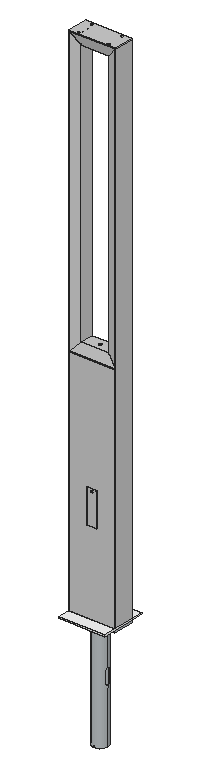
Revit family "BE_99075_de_DE", category Leuchten, Revit 2020 (continued)
Definition of nested family "BE_99075"
  Automatic sketch dimensions
    plane 3 "Mitte (Links/Rechts)" to Extrusion 26 sketch curve = 119.7 mm
    Extrusion 26 sketch curve to plane 1 "Mitte (Oben/Unten)" = 60 mm  (x2)
    plane 1 "Mitte (Oben/Unten)" to Extrusion 26 sketch curve = 60 mm  (x2)
    Extrusion 26 sketch curve to Extrusion 26 sketch curve = 31.373 mm  (x2)
    plane 1 "Mitte (Oben/Unten)" to Extrusion 27 sketch curve = 90 mm
    Extrusion 27 sketch curve to Extrusion 27 sketch curve = 5.271 mm  (x2)
    plane 1 "Mitte (Oben/Unten)" to Extrusion 27 sketch curve = 60 mm
    Extrusion 27 sketch curve to plane 1 "Mitte (Oben/Unten)" = 60 mm
    Extrusion 27 sketch curve to Extrusion 27 sketch curve = 24.729 mm
    level to Extrusion 27 sketch curve = 4410 mm
    Extrusion 27 sketch curve to Extrusion 27 sketch curve = 0 mm
    Extrusion 27 sketch curve to Extrusion 27 sketch curve = 15.811 mm  (x2)
    Extrusion 27 sketch curve to Extrusion 27 sketch curve = 74.189 mm  (x2)
    Extrusion 28 sketch curve to plane 3 "Mitte (Links/Rechts)" = 200.3 mm
    plane 3 "Mitte (Links/Rechts)" to Extrusion 28 sketch curve = 200.3 mm
    level to Extrusion 28 sketch curve = 4500 mm
    Extrusion 28 sketch curve to Extrusion 28 sketch curve = 8 mm
    Extrusion 29 sketch curve to plane 1 "Mitte (Oben/Unten)" = 90 mm
    Extrusion 29 sketch curve to Extrusion 29 sketch curve = 4.5 mm  (x2)
    Extrusion 29 sketch curve to Extrusion 29 sketch curve = 4.2 mm
    Extrusion 29 sketch curve to Extrusion 29 sketch curve = 4.781 mm  (x2)
    Extrusion 29 sketch curve to plane 1 "Mitte (Oben/Unten)" = 60 mm
    Extrusion 29 sketch curve to Extrusion 29 sketch curve = 5 mm  (x2)
    plane 1 "Mitte (Oben/Unten)" to Extrusion 29 sketch curve = 55 mm
    Extrusion 29 sketch curve to Extrusion 29 sketch curve = 25.719 mm
    Extrusion 29 sketch curve to Extrusion 29 sketch curve = 0.582 mm
    Extrusion 29 sketch curve to level = 2100.2 mm
    Extrusion 29 sketch curve to Extrusion 29 sketch curve = 12 mm
    Extrusion 29 sketch curve to Extrusion 29 sketch curve = 68.075 mm  (x2)
    Extrusion 29 sketch curve to Extrusion 29 sketch curve = 8.27 mm  (x2)
    Extrusion 29 sketch curve to Extrusion 29 sketch curve = 1.654 mm  (x2)
    Extrusion 29 sketch curve to Extrusion 29 sketch curve = 15 mm  (x2)
    Extrusion 30 sketch curve to level = 0 mm  (x2)
    plane 1 "Mitte (Oben/Unten)" to Extrusion 30 sketch curve = 90 mm
    Extrusion 30 sketch curve to Extrusion 30 sketch curve = 4 mm  (x2)
    Extrusion 30 sketch curve to plane 1 "Mitte (Oben/Unten)" = 86 mm
    Extrusion 30 sketch curve to Extrusion 30 sketch curve = 2010 mm
    Extrusion 30 sketch curve to Extrusion 30 sketch curve = 0 mm
    Sweep 31 sketch curve to plane 3 "Mitte (Links/Rechts)" = 119.7 mm
    plane 3 "Mitte (Links/Rechts)" to Sweep 31 sketch curve = 119.7 mm
    plane 1 "Mitte (Oben/Unten)" to Sweep 31 sketch curve = 60 mm
    Sweep 31 sketch curve to plane 1 "Mitte (Oben/Unten)" = 60 mm
    Sweep 31 sketch curve to profile plane = 0 mm
    profile plane to Sweep 31 sketch curve = 7.244 mm
    Sweep 31 sketch curve to Sweep 31 sketch curve = 1.456 mm
    Sweep 31 sketch curve to Sweep 31 sketch curve = 4.326 mm
    Sweep 31 sketch curve to Sweep 31 sketch curve = 4.5 mm
    level to Sweep 31 sketch curve = 4410 mm
    Sweep 31 sketch curve to Sweep 31 sketch curve = 4 mm
    Sweep 31 sketch curve to Sweep 31 sketch curve = 5 mm
    Extrusion 32 sketch curve to plane 3 "Mitte (Links/Rechts)" = 44.984 mm
    Extrusion 32 sketch curve to plane 3 "Mitte (Links/Rechts)" = 41 mm
    Extrusion 32 sketch curve to Extrusion 32 sketch curve = 3.984 mm  (x4)
    Extrusion 32 sketch curve to Extrusion 32 sketch curve = 0.353 mm  (x2)
    plane 3 "Mitte (Links/Rechts)" to Extrusion 32 sketch curve = 41 mm  (x2)
    Extrusion 32 sketch curve to Extrusion 32 sketch curve = 0.012 mm
    level to Extrusion 32 sketch curve = 720.587 mm
    Extrusion 32 sketch curve to Extrusion 32 sketch curve = 0.016 mm
    Extrusion 32 sketch curve to Extrusion 32 sketch curve = 4 mm
    Extrusion 32 sketch curve to Extrusion 32 sketch curve = 287.292 mm
    Extrusion 32 sketch curve to Extrusion 32 sketch curve = 0.354 mm  (x2)
    Extrusion 32 sketch curve to Extrusion 32 sketch curve = 0 mm  (x6)
    plane 1 "Mitte (Oben/Unten)" to Revolve 33 sketch curve = 90 mm
    Revolve 33 sketch curve to Revolve 33 sketch curve = 18 mm
    Revolve 33 sketch curve to Revolve 33 sketch curve = 0.498 mm
    Revolve 33 sketch curve to Revolve 33 sketch curve = 0.5 mm
    Revolve 33 sketch curve to Revolve 33 sketch curve = 3.5 mm
    level to Revolve 33 sketch curve = 999.85 mm
    Revolve 33 sketch curve to Revolve 33 sketch curve = 0.031 mm
    Revolve 33 sketch curve to Revolve 33 sketch curve = 3.469 mm
    Revolve 33 sketch curve to Revolve 33 sketch curve = 0.124 mm
    Revolve 33 sketch curve to Revolve 33 sketch curve = 0.314 mm
    Revolve 33 sketch curve to Revolve 33 sketch curve = 3 mm
    Revolve 33 sketch curve to Revolve 33 sketch curve = 2.971 mm
    Revolve 33 sketch curve to Revolve 33 sketch curve = 0 mm  (x3)
    Revolve 33 sketch curve to Revolve 33 sketch curve = 8.618 mm
    Revolve 33 sketch curve to Revolve 33 sketch curve = 9.064 mm
Types (4, lengths in mm): name | built-in parameter 1150104 | built-in parameter 1150134 | Modell | M_G | M_A | built-in parameter 1150105 | Lumens | Leuchtenlichtstrom | Lampenlichtstrom | LED_Modulbezeichnung | built-in parameter 1150142 | Farbtemperatur | Datei für fotometrisches Netz | Bestellnummer | built-in parameter 1150106 | built-in parameter 1150107
  BEGA_99075_Silber_K3 | 16.775 (stored number, unit not read) | (empty or 0) | "99075AK3" | no | yes | 510.08 (stored number, unit not read) | 6409.88 lm | "3767 lm" | "6680 lm" | "LED-0315/830" | "IESNA:LM-63-1995\r\n[TEST] \r\n[MANUFAC] BEGA\r\n[MORE] Converted by LUMCat V \r\n[MORE] 07.12.2016 / H.R.\r\n[LUMCAT] \r\n[LUMINAIRE] 99075K3 0°\r\n[LAMPCAT] LED  35,5W\r\n[LAMPCAT] LED  35,5W    3615 lm,   42 W\r\n[LAMP] LED  35,5W\r\nTILT=NONE\r\n1    3615 1.0 73 19 1 2 0.100 0.220 0.000\r\n1.0 1.0 42\r\n   0.0   2.5   5.0   7.5  10.0  12.5  15.0  17.5  20.0  22.5  25.0  27.5  30.0\r\n  32.5  35.0  37.5  40.0  42.5  45.0  47.5  50.0  52.5  55.0  57.5  60.0  62.5\r\n  65.0  67.5  70.0  72.5  75.0  77.5  80.0  82.5  85.0  87.5  90.0  92.5  95.0\r\n  97.5 100.0 102.5 105.0 107.5 110.0 112.5 115.0 117.5 120.0 122.5 125.0 127.5\r\n 130.0 132.5 135.0 137.5 140.0 142.5 145.0 147.5 150.0 152.5 155.0 157.5 160.0\r\n 162.5 165.0 167.5 170.0 172.5 175.0 177.5 180.0\r\n   0.0   5.0  10.0  15.0  20.0  25.0  30.0  35.0  40.0  45.0  50.0  55.0  60.0\r\n  65.0  70.0  75.0  80.0  85.0  90.0\r\n       2.9       6.6     132.9     452.5     554.3     376.1     194.1      65.7\r\n      39.3      34.3      30.3      24.0      18.3      13.9      10.3       7.6\r\n       5.6       4.2       3.2       2.3       1.6       1.1       0.6       0.3\r\n       0.2       0.1       0.0       0.1       0.1       0.0       0.1       0.0\r\n       0.1       0.0       0.1       0.1       0.0       0.1       0.1       0.0\r\n       0.1       0.1       0.0       0.0       0.0       0.0       0.0       0.0\r\n       0.0       0.0       0.0       0.0       0.0       0.0       0.1       0.0\r\n       0.0       0.0       0.0       0.0       0.0       0.0       0.1       0.0\r\n       0.1       0.1       0.1       0.1       0.1       0.1       0.1       0.3\r\n       0.3\r\n       2.9       6.6     137.3     481.2     601.8     410.8     214.3      77.2\r\n      45.4      38.3      33.4      26.9      21.0      15.8      12.0       8.9\r\n       6.7       5.0       3.8       2.9       2.1       1.6       1.0       0.7\r\n       0.5       0.4       0.3       0.3       0.3       0.2       0.2       0.2\r\n       0.1       0.1       0.1       0.1       0.1       0.1       0.1       0.1\r\n       0.1       0.1       0.1       0.1       0.1       0.1       0.1       0.1\r\n       0.1       0.1       0.0       0.0       0.0       0.0       0.0       0.1\r\n       0.0       0.0       0.1       0.0       0.0       0.0       0.0       0.0\r\n       0.1       0.1       0.1       0.1       0.1       0.1       0.1       0.3\r\n       0.3\r\n       2.9       6.7     150.2     568.2     740.3     532.9     297.1     137.5\r\n      80.7      60.4      50.8      41.9      35.0      29.4      24.8      21.0\r\n      17.9      15.4      13.2      11.5      10.3       9.3       8.4       7.6\r\n       6.9       6.3       5.8       5.6       5.2       4.8       4.4       4.2\r\n       3.9       3.7       3.4       3.2       3.0       2.8       2.6       2.4\r\n       2.3       2.2       2.2       2.0       1.9       1.8       1.6       1.5\r\n       1.3       1.1       0.9       0.7       0.4       0.3       0.2       0.1\r\n       0.1       0.1       0.1       0.0       0.0       0.1       0.0       0.1\r\n       0.1       0.1       0.0       0.0       0.1       0.1       0.1       0.3\r\n       0.3\r\n       2.9       6.8     170.3     700.6     950.2     748.7     484.2     311.3\r\n     223.8     176.3     145.9     119.6      98.0      81.9      68.9      58.7\r\n      50.4      43.5      37.2      32.4      28.5      25.3      22.7      20.5\r\n      18.6      17.1      15.7      14.6      13.4      12.4      11.6      10.7\r\n       9.8       9.0       8.3       7.6       7.1       6.7       6.0       5.7\r\n       5.2       4.7       4.4       4.0       3.7       3.3       3.0       2.9\r\n       2.7       2.5       2.3       1.9       1.6       1.4       1.2       0.9\r\n       0.6       0.4       0.3       0.2       0.1       0.1       0.1       0.1\r\n       0.1       0.1       0.1       0.0       0.1       0.1       0.1       0.3\r\n       0.3\r\n       2.9       6.9     194.2     855.8    1211.6    1059.7     806.0     659.3\r\n     565.7     507.8     449.6     388.9     330.3     278.9     233.5     196.6\r\n     164.3     136.9     112.9      92.2      74.0      59.1      47.6      38.9\r\n      32.5      28.5      25.8      23.5      21.5      19.9      18.3      16.8\r\n      15.5      14.2      12.9      11.7      11.0      10.3       9.6       8.8\r\n       8.0       7.1       6.4       5.9       5.4       4.9       4.4       4.0\r\n       3.6       3.3       3.1       2.8       2.5       2.2       2.0       1.7\r\n       1.4       1.1       0.8       0.6       0.4       0.3       0.2       0.3\r\n       0.1       0.1       0.1       0.1       0.1       0.1       0.1       0.3\r\n       0.3\r\n       2.9       7.0     218.9    1021.6    1505.4    1410.8    1186.5    1056.9\r\n     957.4     880.3     798.6     714.5     629.9     551.0     477.8     412.1\r\n     353.6     300.8     253.0     210.2     171.2     136.3     106.6      82.0\r\n      62.6      48.5      38.6      31.9      28.2      25.4      23.1      21.0\r\n      19.3      17.3      15.9      14.4      13.5      12.4      11.6      10.5\r\n       9.6       8.9       8.0       7.4       6.7       6.0       5.5       5.1\r\n       4.6       4.2       3.9       3.5       3.1       2.8       2.5       2.1\r\n       2.0       1.7       1.4       1.1       0.8       0.7       0.5       0.5\r\n       0.4       0.4       0.3       0.2       0.1       0.1       0.2       0.3\r\n       0.3\r\n       2.9       7.0     243.0    1189.7    1793.5    1737.2    1553.6    1445.7\r\n    1356.1    1261.3    1156.7    1047.8     937.4     833.4     735.9     643.3\r\n     560.4     483.8     413.2     349.2     289.5     235.9     189.7     150.2\r\n     117.7      91.7      70.8      54.3      42.8      34.1      27.9      23.7\r\n      20.6      18.0      16.1      14.5      13.4      12.6      11.5      10.8\r\n       9.9       9.1       8.4       7.9       7.3       6.6       6.1       5.5\r\n       5.0       4.6       4.2       3.9       3.5       3.1       2.8       2.5\r\n       2.2       2.0       1.8       1.6       1.2       1.0       0.9       0.8\r\n       0.7       0.7       0.5       0.4       0.2       0.1       0.2       0.3\r\n       0.3\r\n       2.9       7.0     265.5    1344.6    2046.0    2024.4    1893.5    1800.0\r\n    1707.0    1600.8    1485.1    1363.3    1238.1    1113.9     992.2     874.4\r\n     767.5     668.0     577.3     495.2     420.8     353.3     294.7     243.5\r\n     199.4     162.9     131.4     104.5      82.3      64.5      50.1      38.9\r\n      30.0      22.8      18.0      14.6      12.9      11.7      10.8      10.0\r\n       9.4       8.8       8.2       7.6       7.2       6.6       6.2       5.7\r\n       5.2       4.7       4.4       4.1       3.7       3.3       3.0       2.8\r\n       2.6       2.1       2.0       1.8       1.6       1.3       1.1       1.0\r\n       0.9       0.9       0.8       0.6       0.3       0.2       0.2       0.3\r\n       0.3\r\n       2.9       6.8     284.6    1471.3    2256.5    2265.9    2183.2    2112.0\r\n    2030.4    1931.6    1813.8    1685.0    1549.2    1414.5    1283.5    1154.8\r\n    1028.6     908.7     792.7     685.9     586.1     499.4     425.7     359.0\r\n     302.1     253.5     211.0     173.7     141.6     113.8      89.9      68.6\r\n      50.5      35.5      23.6      15.7      11.9      11.0      10.1       9.4\r\n       8.9       8.4       7.9       7.2       6.7       6.3       6.0       5.5\r\n       5.1       4.7       4.4       4.0       3.7       3.4       3.1       2.8\r\n       2.6       2.3       2.1       1.9       1.7       1.5       1.3       1.3\r\n       1.1       1.1       1.0       0.9       0.5       0.3       0.2       0.3\r\n       0.3\r\n       2.9       6.7     297.9    1572.2    2422.3    2464.8    2410.3    2342.8\r\n    2259.1    2163.7    2061.4    1948.8    1831.5    1707.1    1577.3    1437.7\r\n    1295.2    1152.4    1010.6     880.0     761.1     656.2     561.6     480.3\r\n     408.6     346.2     290.9     242.5     199.4     161.1     126.5      97.3\r\n      70.8      48.2      29.8      17.4      11.8      10.4       9.4       8.7\r\n       8.1       7.8       7.5       6.8       6.3       6.1       5.6       5.4\r\n       5.0       4.7       4.3       3.9       3.8       3.5       3.1       2.8\r\n       2.5       2.3       2.2       2.0       1.7       1.5       1.4       1.4\r\n       1.3       1.3       1.2       1.1       0.7       0.3       0.2       0.3\r\n       0.3\r\n       2.9       6.5     303.7    1656.9    2546.9    2616.9    2575.7    2515.9\r\n    2442.6    2356.8    2256.2    2158.3    2051.9    1921.8    1779.5    1624.1\r\n    1465.8    1309.1    1160.3    1026.7     903.9     790.1     692.1     600.3\r\n     518.9     445.9     378.6     318.0     263.1     212.5     167.8     127.8\r\n      91.3      59.9      35.7      18.7      11.1       9.8       8.5       7.9\r\n       7.6       7.1       6.8       6.5       6.1       5.6       5.2       4.9\r\n       4.4       4.3       4.1       3.7       3.4       3.2       3.0       2.7\r\n       2.6       2.3       2.1       1.8       1.7       1.6       1.5       1.4\r\n       1.3       1.3       1.3       1.3       0.9       0.4       0.2       0.3\r\n       0.3\r\n       2.9       6.3     302.0    1723.3    2636.3    2716.9    2681.2    2635.3\r\n    2570.0    2498.8    2428.1    2337.4    2210.9    2060.6    1895.9    1729.8\r\n    1562.3    1402.7    1258.3    1127.2    1005.5     893.9     789.5     692.7\r\n     602.7     518.4     440.6     368.1     302.9     244.1     191.5     144.9\r\n     103.2      67.6      39.0      19.2      10.2       8.9       7.7       7.0\r\n       6.6       6.3       5.9       5.6       5.4       5.0       4.8       4.6\r\n       4.3       4.0       3.8       3.5       3.3       3.1       2.9       2.7\r\n       2.4       2.1       1.9       1.8       1.6       1.5       1.4       1.4\r\n       1.4       1.3       1.4       1.5       1.2       0.5       0.3       0.3\r\n       0.3\r\n       2.9       6.1     295.3    1765.5    2703.5    2777.7    2748.5    2702.0\r\n    2651.3    2596.9    2534.2    2430.1    2290.9    2132.1    1962.8    1791.7\r\n    1626.4    1475.6    1335.2    1199.8    1073.3     951.4     838.8     732.3\r\n     634.1     543.4     459.9     382.4     314.3     252.5     198.4     149.0\r\n     105.4      68.3      38.9      18.5       9.6       8.3       6.9       6.0\r\n       5.8       5.5       5.2       5.0       4.7       4.4       4.3       4.0\r\n       3.8       3.7       3.4       3.1       3.0       2.8       2.5       2.3\r\n       2.2       2.0       1.8       1.6       1.6       1.4       1.3       1.3\r\n       1.4       1.4       1.4       1.6       1.3       0.7       0.3       0.3\r\n       0.3\r\n       2.9       6.0     286.4    1785.2    2749.9    2819.8    2792.1    2753.9\r\n    2709.2    2674.4    2598.3    2469.8    2321.5    2154.0    1985.4    1817.2\r\n    1663.6    1516.5    1375.1    1239.7    1107.3     980.7     860.7     747.9\r\n     643.5     547.7     460.1     381.2     311.5     249.3     193.7     143.6\r\n     100.6      64.5      36.4      16.7       8.3       7.2       5.9       5.0\r\n       4.7       4.5       4.3       4.2       3.9       3.8       3.6       3.4\r\n       3.2       3.1       2.9       2.7       2.6       2.4       2.3       2.2\r\n       1.9       1.8       1.6       1.6       1.4       1.2       1.2       1.2\r\n       1.3       1.3       1.4       1.6       1.4       0.8       0.3       0.3\r\n       0.3\r\n       2.9       5.9     277.4    1793.4    2771.4    2839.2    2813.7    2777.7\r\n    2748.3    2715.8    2617.1    2482.6    2325.2    2154.2    1988.5    1826.9\r\n    1679.2    1531.0    1388.7    1246.4    1104.2     974.5     850.8     736.8\r\n     628.9     531.1     443.7     365.3     296.7     231.6     176.6     129.8\r\n      89.8      57.1      32.1      15.1       7.4       6.3       5.2       4.1\r\n       3.8       3.7       3.6       3.4       3.3       3.1       3.0       2.7\r\n       2.6       2.5       2.5       2.4       2.2       2.1       1.9       1.8\r\n       1.7       1.5       1.4       1.2       1.1       1.0       1.1       1.1\r\n       1.2       1.3       1.4       1.6       1.6       0.9       0.4       0.3\r\n       0.3\r\n       2.9       5.8     269.5    1799.4    2780.8    2843.5    2821.6    2793.7\r\n    2771.3    2732.6    2625.0    2480.6    2317.6    2150.9    1988.1    1834.7\r\n    1684.6    1536.6    1387.7    1238.5    1100.1     965.6     841.5     721.9\r\n     613.7     517.3     428.9     349.6     276.2     214.8     160.5     116.8\r\n      80.3      50.5      28.4      13.1       6.5       5.3       4.2       3.0\r\n       2.9       2.8       2.7       2.5       2.4       2.4       2.3       2.2\r\n       2.0       2.0       1.9       1.8       1.7       1.6       1.5       1.4\r\n       1.3       1.2       1.0       1.0       0.9       0.9       0.9       0.9\r\n       1.0       1.2       1.3       1.6       1.6       1.0       0.4       0.3\r\n       0.3\r\n       2.9       5.7     263.1    1802.3    2786.6    2845.3    2824.9    2802.0\r\n    2789.0    2744.0    2624.1    2477.0    2315.9    2147.5    1987.9    1836.7\r\n    1687.4    1536.8    1383.6    1235.1    1093.2     958.3     833.0     713.9\r\n     605.7     506.6     417.2     332.8     261.0     199.8     149.3     107.5\r\n      74.3      46.5      25.6      11.6       5.4       4.4       3.3       2.1\r\n       1.8       1.8       1.8       1.7       1.6       1.6       1.4       1.4\r\n       1.2       1.4       1.3       1.2       1.1       1.0       0.9       0.9\r\n       0.8       0.7       0.7       0.7       0.7       0.6       0.7       0.7\r\n       0.9       1.1       1.2       1.5       1.6       1.0       0.4       0.3\r\n       0.3\r\n       2.9       5.6     259.1    1801.3    2787.1    2844.8    2827.5    2805.5\r\n    2796.1    2740.6    2622.9    2472.7    2307.0    2141.5    1988.1    1835.9\r\n    1684.4    1533.6    1378.7    1228.3    1087.9     954.2     827.1     708.0\r\n     598.7     500.5     405.3     322.1     249.3     190.9     140.9     102.4\r\n      69.1      42.5      23.3      10.2       4.2       3.2       2.2       1.2\r\n       0.9       0.8       0.8       0.8       0.7       0.7       0.6       0.6\r\n       0.6       0.5       0.5       0.5       0.5       0.4       0.4       0.4\r\n       0.3       0.3       0.3       0.3       0.4       0.4       0.5       0.7\r\n       0.8       1.0       1.2       1.5       1.7       1.1       0.4       0.3\r\n       0.3\r\n       2.9       5.6     257.7    1800.9    2785.7    2841.4    2824.7    2803.7\r\n    2796.5    2741.2    2615.0    2466.7    2305.1    2138.2    1984.9    1835.5\r\n    1683.6    1527.9    1375.5    1237.6    1086.1     946.2     822.2     703.2\r\n     594.2     495.7     399.5     317.3     246.4     186.8     137.8      99.6\r\n      66.3      40.7      22.2       8.8       3.0       2.2       1.3       0.2\r\n       0.1       0.1       0.1       0.1       0.1       0.1       0.1       0.1\r\n       0.1       0.1       0.1       0.1       0.1       0.1       0.1       0.1\r\n       0.1       0.1       0.1       0.1       0.1       0.2       0.4       0.6\r\n       0.8       1.0       1.2       1.5       1.7       1.1       0.4       0.2\r\n       0.3\r\n" | "3000 K" | "BE_99075K3.IES" | "99075AK3" | 5.1008 (stored number, unit not read) | 3000 (stored number, unit not read)
  BEGA_99075_Silber_K4 | 17.168 (stored number, unit not read) | 12 | "99075AK4" | no | yes | 522.03 (stored number, unit not read) | 6560.05 lm | "3875 lm" | "6870 lm" | "LED-0315/840" | "IESNA:LM-63-1995\r\n[TEST] \r\n[MANUFAC] BEGA\r\n[MORE] Converted by LUMCat V \r\n[MORE] 07.12.2016 / H.R.\r\n[LUMCAT] \r\n[LUMINAIRE] 99075 0°\r\n[LAMPCAT] LED  35,5W\r\n[LAMPCAT] LED  35,5W    3700 lm,   42 W\r\n[LAMP] LED  35,5W\r\nTILT=NONE\r\n1    3700 1.0 73 19 1 2 0.100 0.220 0.000\r\n1.0 1.0 42\r\n   0.0   2.5   5.0   7.5  10.0  12.5  15.0  17.5  20.0  22.5  25.0  27.5  30.0\r\n  32.5  35.0  37.5  40.0  42.5  45.0  47.5  50.0  52.5  55.0  57.5  60.0  62.5\r\n  65.0  67.5  70.0  72.5  75.0  77.5  80.0  82.5  85.0  87.5  90.0  92.5  95.0\r\n  97.5 100.0 102.5 105.0 107.5 110.0 112.5 115.0 117.5 120.0 122.5 125.0 127.5\r\n 130.0 132.5 135.0 137.5 140.0 142.5 145.0 147.5 150.0 152.5 155.0 157.5 160.0\r\n 162.5 165.0 167.5 170.0 172.5 175.0 177.5 180.0\r\n   0.0   5.0  10.0  15.0  20.0  25.0  30.0  35.0  40.0  45.0  50.0  55.0  60.0\r\n  65.0  70.0  75.0  80.0  85.0  90.0\r\n       3.0       6.7     136.0     463.2     567.3     384.9     198.6      67.3\r\n      40.3      35.1      31.0      24.6      18.7      14.2      10.5       7.8\r\n       5.8       4.3       3.3       2.4       1.7       1.1       0.6       0.3\r\n       0.2       0.1       0.0       0.1       0.1       0.0       0.1       0.0\r\n       0.1       0.0       0.1       0.1       0.0       0.1       0.1       0.0\r\n       0.1       0.1       0.0       0.0       0.0       0.0       0.0       0.0\r\n       0.0       0.0       0.0       0.0       0.0       0.0       0.1       0.0\r\n       0.0       0.0       0.0       0.0       0.0       0.0       0.1       0.0\r\n       0.1       0.1       0.1       0.1       0.1       0.1       0.1       0.3\r\n       0.3\r\n       3.0       6.8     140.5     492.5     615.9     420.5     219.4      79.0\r\n      46.5      39.2      34.2      27.6      21.5      16.2      12.2       9.1\r\n       6.8       5.1       3.9       2.9       2.1       1.6       1.0       0.7\r\n       0.5       0.4       0.3       0.3       0.3       0.2       0.2       0.2\r\n       0.1       0.1       0.1       0.1       0.1       0.1       0.1       0.1\r\n       0.1       0.1       0.1       0.1       0.1       0.1       0.1       0.1\r\n       0.1       0.1       0.0       0.0       0.0       0.0       0.0       0.1\r\n       0.0       0.0       0.1       0.0       0.0       0.0       0.0       0.0\r\n       0.1       0.1       0.1       0.1       0.1       0.1       0.1       0.3\r\n       0.3\r\n       3.0       6.8     153.8     581.6     757.7     545.4     304.1     140.7\r\n      82.5      61.8      52.0      42.9      35.8      30.1      25.4      21.5\r\n      18.3      15.8      13.5      11.8      10.5       9.5       8.6       7.7\r\n       7.1       6.4       6.0       5.7       5.3       4.9       4.6       4.3\r\n       4.0       3.7       3.5       3.3       3.1       2.9       2.7       2.5\r\n       2.4       2.3       2.2       2.0       2.0       1.9       1.6       1.5\r\n       1.3       1.1       0.9       0.7       0.4       0.3       0.2       0.1\r\n       0.1       0.1       0.1       0.0       0.0       0.1       0.0       0.1\r\n       0.1       0.1       0.0       0.0       0.1       0.1       0.1       0.3\r\n       0.3\r\n       3.0       7.0     174.3     717.1     972.5     766.3     495.5     318.6\r\n     229.1     180.4     149.3     122.4     100.3      83.8      70.6      60.1\r\n      51.6      44.5      38.1      33.1      29.1      25.9      23.2      20.9\r\n      19.1      17.5      16.1      14.9      13.7      12.7      11.8      11.0\r\n      10.0       9.2       8.5       7.8       7.3       6.8       6.2       5.9\r\n       5.4       4.8       4.5       4.1       3.7       3.4       3.1       3.0\r\n       2.8       2.5       2.4       2.0       1.7       1.4       1.3       0.9\r\n       0.6       0.4       0.3       0.2       0.1       0.1       0.1       0.1\r\n       0.1       0.1       0.1       0.0       0.1       0.1       0.1       0.3\r\n       0.3\r\n       3.0       7.1     198.8     875.9    1240.1    1084.6     824.9     674.8\r\n     579.0     519.7     460.1     398.1     338.1     285.5     239.0     201.2\r\n     168.2     140.1     115.6      94.4      75.7      60.5      48.7      39.8\r\n      33.3      29.2      26.4      24.1      22.0      20.4      18.7      17.2\r\n      15.9      14.5      13.2      12.0      11.2      10.5       9.8       9.0\r\n       8.1       7.3       6.5       6.0       5.5       5.0       4.6       4.1\r\n       3.7       3.4       3.1       2.8       2.6       2.3       2.0       1.7\r\n       1.4       1.1       0.9       0.6       0.4       0.3       0.2       0.3\r\n       0.1       0.1       0.1       0.1       0.1       0.1       0.1       0.3\r\n       0.3\r\n       3.0       7.2     224.1    1045.6    1540.8    1444.0    1214.4    1081.8\r\n     979.9     901.0     817.4     731.3     644.7     564.0     489.1     421.8\r\n     361.9     307.9     258.9     215.2     175.2     139.5     109.1      83.9\r\n      64.1      49.6      39.6      32.6      28.9      26.0      23.6      21.5\r\n      19.8      17.7      16.3      14.8      13.8      12.7      11.8      10.8\r\n       9.8       9.1       8.2       7.5       6.9       6.1       5.6       5.2\r\n       4.7       4.3       4.0       3.6       3.2       2.9       2.6       2.1\r\n       2.0       1.7       1.4       1.1       0.9       0.7       0.6       0.5\r\n       0.4       0.4       0.3       0.2       0.1       0.1       0.2       0.3\r\n       0.3\r\n       3.0       7.2     248.7    1217.6    1835.6    1778.0    1590.1    1479.7\r\n    1388.0    1291.0    1183.9    1072.5     959.4     853.0     753.2     658.5\r\n     573.6     495.2     422.9     357.4     296.3     241.5     194.1     153.7\r\n     120.5      93.9      72.4      55.6      43.8      34.9      28.6      24.2\r\n      21.1      18.5      16.4      14.9      13.8      12.9      11.8      11.1\r\n      10.2       9.4       8.6       8.1       7.4       6.8       6.3       5.6\r\n       5.1       4.7       4.3       4.0       3.6       3.2       2.8       2.6\r\n       2.3       2.0       1.9       1.6       1.2       1.0       0.9       0.8\r\n       0.7       0.7       0.5       0.4       0.2       0.1       0.2       0.3\r\n       0.3\r\n       3.0       7.1     271.7    1376.2    2094.1    2072.0    1938.1    1842.3\r\n    1747.1    1638.5    1520.0    1395.3    1267.2    1140.1    1015.6     895.0\r\n     785.5     683.7     590.9     506.9     430.7     361.6     301.7     249.2\r\n     204.1     166.7     134.5     106.9      84.2      66.0      51.3      39.8\r\n      30.7      23.4      18.4      14.9      13.2      12.0      11.1      10.3\r\n       9.7       9.0       8.4       7.8       7.3       6.8       6.4       5.9\r\n       5.3       4.8       4.5       4.2       3.7       3.3       3.1       2.8\r\n       2.6       2.2       2.1       1.8       1.6       1.3       1.1       1.1\r\n       0.9       1.0       0.8       0.6       0.3       0.2       0.2       0.3\r\n       0.3\r\n       3.0       7.0     291.3    1505.9    2309.6    2319.2    2234.6    2161.7\r\n    2078.1    1977.0    1856.4    1724.6    1585.6    1447.8    1313.6    1182.0\r\n    1052.8     930.1     811.3     702.1     599.8     511.2     435.7     367.5\r\n     309.2     259.4     215.9     177.8     144.9     116.4      92.1      70.3\r\n      51.7      36.4      24.2      16.0      12.2      11.3      10.4       9.7\r\n       9.1       8.5       8.1       7.4       6.9       6.4       6.1       5.6\r\n       5.2       4.8       4.5       4.1       3.8       3.4       3.1       2.8\r\n       2.6       2.4       2.1       1.9       1.7       1.6       1.3       1.3\r\n       1.1       1.1       1.1       0.9       0.5       0.3       0.2       0.3\r\n       0.3\r\n       3.0       6.8     305.0    1609.2    2479.3    2522.7    2466.9    2397.9\r\n    2312.2    2214.6    2109.9    1994.6    1874.5    1747.3    1614.4    1471.5\r\n    1325.7    1179.5    1034.3     900.7     779.0     671.6     574.8     491.6\r\n     418.2     354.3     297.7     248.2     204.1     164.9     129.5      99.6\r\n      72.5      49.3      30.5      17.8      12.1      10.7       9.6       8.9\r\n       8.3       8.0       7.7       7.0       6.5       6.3       5.7       5.5\r\n       5.1       4.8       4.4       4.0       3.8       3.6       3.2       2.9\r\n       2.6       2.4       2.3       2.0       1.8       1.6       1.5       1.4\r\n       1.4       1.3       1.3       1.1       0.7       0.3       0.2       0.3\r\n       0.3\r\n       3.0       6.6     310.8    1695.8    2606.8    2678.4    2636.2    2575.0\r\n    2500.0    2412.3    2309.2    2209.0    2100.1    1967.0    1821.4    1662.3\r\n    1500.3    1339.9    1187.6    1050.8     925.1     808.7     708.4     614.4\r\n     531.1     456.4     387.5     325.5     269.2     217.5     171.8     130.8\r\n      93.4      61.3      36.6      19.2      11.4      10.0       8.7       8.1\r\n       7.7       7.3       7.0       6.6       6.2       5.7       5.4       5.0\r\n       4.6       4.4       4.2       3.8       3.5       3.3       3.1       2.8\r\n       2.6       2.3       2.1       1.9       1.7       1.6       1.5       1.5\r\n       1.4       1.4       1.4       1.4       1.0       0.4       0.2       0.3\r\n       0.3\r\n       3.0       6.5     309.1    1763.8    2698.3    2780.8    2744.3    2697.2\r\n    2630.4    2557.5    2485.2    2392.4    2262.8    2109.1    1940.5    1770.5\r\n    1599.0    1435.7    1287.9    1153.7    1029.2     914.9     808.1     709.0\r\n     616.9     530.6     451.0     376.8     310.1     249.8     196.0     148.3\r\n     105.6      69.2      40.0      19.6      10.4       9.1       7.9       7.1\r\n       6.8       6.4       6.0       5.8       5.6       5.1       5.0       4.7\r\n       4.4       4.1       3.8       3.6       3.4       3.1       2.9       2.7\r\n       2.4       2.1       2.0       1.9       1.6       1.6       1.5       1.4\r\n       1.4       1.4       1.4       1.5       1.2       0.6       0.3       0.3\r\n       0.3\r\n       3.0       6.3     302.3    1807.0    2767.0    2843.0    2813.1    2765.5\r\n    2713.6    2658.0    2593.8    2487.2    2344.8    2182.2    2008.9    1833.9\r\n    1664.7    1510.3    1366.6    1228.0    1098.5     973.8     858.5     749.5\r\n     649.0     556.1     470.7     391.4     321.6     258.5     203.1     152.5\r\n     107.9      69.9      39.8      18.9       9.8       8.5       7.1       6.1\r\n       5.9       5.6       5.3       5.1       4.8       4.6       4.4       4.1\r\n       3.8       3.7       3.5       3.1       3.0       2.9       2.5       2.4\r\n       2.2       2.0       1.9       1.6       1.6       1.4       1.4       1.4\r\n       1.4       1.4       1.4       1.6       1.3       0.7       0.3       0.3\r\n       0.3\r\n       3.0       6.2     293.1    1827.2    2814.6    2886.1    2857.7    2818.7\r\n    2772.9    2737.3    2659.4    2527.8    2376.1    2204.6    2032.1    1859.9\r\n    1702.7    1552.2    1407.5    1268.8    1133.3    1003.8     880.9     765.5\r\n     658.7     560.6     470.9     390.1     318.9     255.2     198.2     147.0\r\n     102.9      66.0      37.2      17.1       8.5       7.4       6.0       5.1\r\n       4.8       4.6       4.4       4.3       4.0       3.9       3.7       3.4\r\n       3.3       3.1       3.0       2.8       2.6       2.4       2.4       2.2\r\n       2.0       1.8       1.7       1.6       1.4       1.2       1.2       1.2\r\n       1.3       1.3       1.4       1.6       1.5       0.8       0.3       0.3\r\n       0.3\r\n       3.0       6.0     283.9    1835.5    2836.6    2905.9    2879.8    2843.0\r\n    2812.9    2779.7    2678.7    2541.0    2379.9    2204.8    2035.3    1869.9\r\n    1718.7    1567.0    1421.3    1275.7    1130.2     997.4     870.8     754.2\r\n     643.7     543.6     454.2     373.8     303.7     237.0     180.8     132.9\r\n      91.9      58.5      32.9      15.5       7.6       6.4       5.3       4.2\r\n       3.9       3.8       3.7       3.5       3.4       3.1       3.1       2.8\r\n       2.7       2.6       2.6       2.4       2.3       2.1       2.0       1.8\r\n       1.8       1.6       1.4       1.2       1.1       1.1       1.1       1.1\r\n       1.2       1.3       1.4       1.6       1.6       0.9       0.4       0.3\r\n       0.3\r\n       3.0       5.9     275.8    1841.7    2846.2    2910.4    2887.9    2859.4\r\n    2836.5    2796.8    2686.8    2538.9    2372.1    2201.5    2034.8    1877.8\r\n    1724.2    1572.7    1420.3    1267.7    1126.0     988.3     861.3     738.9\r\n     628.1     529.4     439.0     357.8     282.7     219.9     164.2     119.5\r\n      82.2      51.7      29.0      13.4       6.6       5.4       4.3       3.1\r\n       3.0       2.9       2.8       2.6       2.4       2.4       2.3       2.3\r\n       2.1       2.0       1.9       1.8       1.7       1.6       1.6       1.4\r\n       1.3       1.2       1.1       1.0       1.0       0.9       0.9       0.9\r\n       1.1       1.3       1.4       1.6       1.6       1.0       0.4       0.3\r\n       0.3\r\n       3.0       5.8     269.3    1844.6    2852.1    2912.2    2891.4    2867.8\r\n    2854.6    2808.5    2685.8    2535.2    2370.4    2198.0    2034.6    1879.9\r\n    1727.1    1573.0    1416.1    1264.1    1118.9     980.8     852.6     730.7\r\n     619.9     518.5     427.1     340.6     267.2     204.5     152.8     110.0\r\n      76.1      47.6      26.2      11.8       5.6       4.5       3.4       2.1\r\n       1.8       1.9       1.9       1.7       1.6       1.6       1.5       1.4\r\n       1.3       1.4       1.3       1.2       1.1       1.1       1.0       0.9\r\n       0.9       0.7       0.7       0.7       0.7       0.6       0.7       0.7\r\n       0.9       1.1       1.2       1.5       1.7       1.1       0.4       0.3\r\n       0.3\r\n       3.0       5.8     265.1    1843.6    2852.6    2911.7    2894.0    2871.5\r\n    2861.9    2805.0    2684.5    2530.8    2361.3    2191.8    2034.9    1879.0\r\n    1724.1    1569.7    1411.1    1257.2    1113.4     976.7     846.6     724.7\r\n     612.8     512.2     414.8     329.7     255.2     195.4     144.2     104.9\r\n      70.7      43.5      23.9      10.4       4.3       3.3       2.2       1.2\r\n       0.9       0.8       0.8       0.8       0.7       0.7       0.6       0.6\r\n       0.6       0.6       0.5       0.5       0.5       0.4       0.4       0.4\r\n       0.3       0.3       0.3       0.3       0.4       0.4       0.5       0.7\r\n       0.8       1.0       1.2       1.5       1.7       1.1       0.4       0.3\r\n       0.3\r\n       3.0       5.7     263.7    1843.2    2851.2    2908.2    2891.1    2869.6\r\n    2862.3    2805.7    2676.5    2524.7    2359.3    2188.5    2031.5    1878.6\r\n    1723.2    1563.8    1407.9    1266.7    1111.6     968.4     841.5     719.7\r\n     608.1     507.3     408.9     324.7     252.2     191.2     141.1     102.0\r\n      67.9      41.7      22.7       9.0       3.1       2.3       1.3       0.2\r\n       0.1       0.1       0.1       0.1       0.1       0.1       0.1       0.1\r\n       0.1       0.1       0.1       0.1       0.1       0.1       0.1       0.1\r\n       0.1       0.1       0.1       0.1       0.1       0.2       0.4       0.6\r\n       0.8       1.0       1.2       1.5       1.7       1.1       0.4       0.2\r\n       0.3\r\n" | "4000 K" | "BE_99075K4.IES" | "99075AK4" | 5.2203 (stored number, unit not read) | 4000 (stored number, unit not read)
